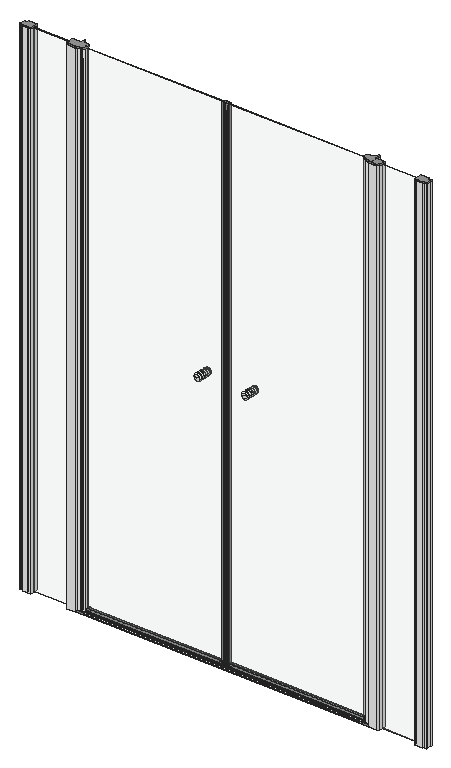
Revit family "Sanitary_Shower-screens_Duscholux_Giro_Two-fixed-segments+pivot-twin-doors-shower", category Plumbing Fixtures, Revit 2016
Family settings
  Part Type = Normal
  Round Connector Dimension = Use Diameter
  OmniClass Number = 23.45.00.00
  OmniClass Title = Sanitary, Laundry, and Cleaning Equipment
  Work Plane-Based = No
  Always vertical = Yes
  Cut with Voids When Loaded = No
  Shared = No
  Room Calculation Point = No
Parameters (values of type "White Aluminium Finish")
  Width fixed segment = 240 mm  # constant formula
  Width = 1600 mm
  Uniclass 2015 Description = "Shower Enclosures"
  Uniclass 2015 Code = "PR-40-20-06-79"
  URL = "http://www.duscholux.es/"
  UNSPSC Code = "30181507"
  Thickness Glass = 5 mm  # constant formula
  Technical Inspection Certificate (Applus) = "http://www.duscholux.es/resources/custom/var/APPLUS_en.pdf"
  Series = "Plus Evolution Giro"
  Region South America = "Consult"
  Region Oceania = "Consult"
  Region North America = "Consult"
  Region Middle East = "Consult"
  Region Europe = "AD, ES, FR, PT"
  Region Asia = "Consult"
  Region Antartica = "Consult"
  Region Africa = "Consult"
  Ref. = "73C"
  Products = "http://www.duscholux.es/mamparas_filtro.aspx?es"
  Product group = "Front for shower"
  Product family = "Plus Evolution Giro"
  Opening right angle = 0.00°
  Opening left angle = 0.00°
  Opening System Image = "http://blob.duscholux.es/pluma512/FD2f2pabatible180.gif"
  Opening System = "Pivot Doors"
  Net Weight (Kg) = 48
  NBS Reference Description = "Shower Enclosures"
  NBS Reference Code = "45-35-70"
  Model = ""
  Min Max Width = if(Width < 1400 mm, 1400 mm, if(Width > 2100 mm, 2100 mm, Width))  # 1600 mm
  Max Height = if(Height > 2000 mm, 2000 mm, Height)  # 2000 mm
  Manufacturer name = "Duscholux Ibérica, S.A."
  Manufacturer country = "Spain"
  Maintenance and Cleaning = "http://www.duscholux.es/mamparas_limpieza.aspx?en"
  Image = "http://www.duscholux.es/resources/custom/img/mamparas/PLUS%20EVOLUTION%20GIRO/modelos/2F2PFDA/mampara_h.jpg"
  IFC Classification = "Furnishing Element"
  Height = 2000 mm
  Handle Material = White Finish
  Handle Height = Max Height / 2  # 1000 mm
  Glass in Building UNE EN 12150 = "CE Conformity marking"
  Glass Material = Glass_Material-Duscholux
  Frame Material = White Aluminium Finish
  Fact Sheet = "http://blob.duscholux.es/enpdf2018/Giro2F2PFD.pdf"
  Manufacturer = "Duscholux Ibérica, S.A."
  Environmental Management ISO 14001 = "ECOEMBES Certificate"
  Edition number = "1"
  Door aperture = (Min Max Width / 2) - Width fixed segment  # 560 mm
  Design country = "Spain / Germany"
  Description = "2 fixed segments + pivot twin doors at 180º for shower"
  Date of publishing = ""
  Assembly Code = "C1030200"
  Configuration enclosure = "http://configuratumampara.duscholux.es/eCatalogo.aspx"
  Components = "Eropean components"
  Type Comments = ""
  Combinations = "Lateral 90°"
  Certified Quality UNE EN 14428 = "http://www.duscholux.es/duscholux_downloads.aspx?es"
  COBIe Type Category = ""
  Brand = "Duscholux"
  Accesories Material = Plastic, Gray
Types (4, lengths in mm): name | Width | Min Max Width | Handle Material | Frame Material | Door aperture
  (no name) | 1600 | 1600 | White Finish | White Aluminium Finish | 560
  White Aluminium Finish | 1600 | 1600 | White Finish | White Aluminium Finish | 560
  Silver Matt Aluminium Finish | 1800 | 1800 | Matt Silver Aluminium Finish | Matt Silver Aluminium Finish | 660
  Shiny Silver Aluminium Finish | 1800 | 1800 | Matt Silver Aluminium Finish | Shiny Silver  Aluminium Finish | 660
Reference planes
  plane 1 "Centro (Frontal/Posterior)": y = 0
  plane 2: z = 0
  plane 3 "Centro (Izquierda/Derecha)": x = 0
  plane 4: x = 240
  plane 5: z = 2000
  plane 6: z = 1000
  plane 7: z = 0
  plane 8: z = 8
  plane 9: y = -15.3
  plane 10: x = 800
  plane 11: z = 1996
  plane 12: x = 1600
  plane 13: x = 1360
  plane 14: y = 2.5
  plane 15: y = 2.5
  plane 16: y = -2.5
  plane 17: z = 1992
  plane 18: z = 6
Forms (mm)
  Extrusion 1, solid, material "White Aluminium Finish" <- "Frame Material"
    sketch origin (-147.769, -645.801, 0) x (1, 0, 0) y (0, 1, 0)
      loop
        line (366.036, 656.691) -> (338.186, 656.691) -> (338.186, 655.191) -> (364.666, 655.191) -> (364.666, 631.991) -> (338.186, 631.991) -> (338.186, 624.931) -> (370.586, 624.931) -> (370.586, 633.301) -> (374.036, 633.301) -> (379.541, 639.801)
        arc (379.541, 639.801) -> (377.536, 645.786) -> (379.424, 651.809) r 10.234
        line (379.424, 651.809) -> (374.036, 659.801) -> (374.036, 660.824) -> (372.409, 670.05) -> (369.686, 674.341) -> (366.036, 674.341) -> (366.036, 656.691)
    from 0 to 1992
  Extrusion 2, solid, material "White Aluminium Finish" <- "Frame Material"
    sketch origin (1805.769, -645.801, 0) x (-1, 0, 0) y (0, -1, 0)
      loop
        line (424.036, -656.691) -> (424.036, -674.341) -> (427.686, -674.341) -> (430.409, -670.05) -> (432.036, -660.824) -> (432.036, -659.801) -> (437.424, -651.809)
        arc (437.424, -651.809) -> (435.536, -645.786) -> (437.541, -639.801) r 10.234
        line (437.541, -639.801) -> (432.036, -633.301) -> (428.586, -633.301) -> (428.586, -624.931) -> (395.736, -624.931) -> (395.736, -631.991) -> (422.666, -631.991) -> (422.666, -655.191) -> (397.536, -655.191) -> (397.536, -656.691) -> (424.036, -656.691)
    from 0 to 1992
  Extrusion 3, solid, material "Plastic, Gray" <- "Accesories Material"
    sketch origin (1658, 0, 0) x (-1, 0, 0) y (0, -1, 0)
      loop
        line (249.767, -10.89) -> (276.267, -10.89) -> (276.267, -28.54) -> (279.917, -28.54) -> (282.64, -24.249) -> (283.429, -19.771) -> (302.754, -12.738)
        arc (302.754, -12.738) -> (311.673, 0) -> (302.754, 12.738) r 13.555
        line (302.754, 12.738) -> (280.409, 20.87) -> (247.967, 20.87) -> (247.967, 13.71) -> (241.416, 13.71) -> (241.416, -9.29) -> (249.767, -9.29) -> (249.767, -10.89)
    from 1992 to 1996
  Extrusion 4, solid, material "Plástico, transparente"
    sketch origin (240, 0, 0) x (1, 0, 0) y (0, 1, 0)
      loop
        arc (558.531, 6.231) -> (554.357, 6.175) -> (550.886, 3.855) r 7.349
        line (550.886, 3.855) -> (546.563, 3.855) -> (546.563, 2.855) -> (551.6, 2.855) -> (551.6, -2.855) -> (546.563, -2.855) -> (546.563, -3.855) -> (550.886, -3.855)
        arc (550.886, -3.855) -> (554.365, -6.175) -> (558.547, -6.226) r 7.362
        arc (558.547, -6.226) -> (559.598, -5.51) -> (560, -4.303) r 1.989
        line (560, -4.303) -> (560, 4.303)
        arc (560, 4.303) -> (559.591, 5.515) -> (558.531, 6.231) r 2
    from 0 to 1992
  Extrusion 5, solid, material "White Aluminium Finish" <- "Frame Material"
    sketch origin (240, 0, 0) x (1, 0, 0) y (0, 1, 0)
      loop
        line (2.907, -4) -> (2.907, 4) -> (12.745, 4) -> (12.745, 5.03) -> (2.992, 9.787)
        arc (2.992, 9.787) -> (-10.234, -0.007) -> (3.005, -9.782) r 10.234
        line (3.005, -9.782) -> (12.745, -4.956) -> (12.745, -4) -> (2.907, -4)
      loop
        circle (0, 0) r 1.459
    from 0 to 1992
  Extrusion 6, solid, material "Glass_Material-Duscholux" <- "Glass Material"
    sketch origin (240, 0, 0) x (1, 0, 0) y (0, 1, 0)
      loop
        line (2.907, 2.5) -> (2.907, -2.5) -> (551.6, -2.5) -> (551.6, 2.5) -> (2.907, 2.5)
    from 8 to 1992
  Extrusion 7, solid, material "White Aluminium Finish" <- "Frame Material"
    sketch origin (0, 0, 0) x (1, 0, 0) y (0, 1, 0)
      loop
        line (183.447, 9.29) -> (183.447, 1.79) -> (193.947, 1.79) -> (193.947, -6.21) -> (183.447, -6.21) -> (183.447, -13.71) -> (211.497, -13.71) -> (211.497, -12.36) -> (184.797, -12.36) -> (184.797, -7.555) -> (195.297, -7.555) -> (195.297, 3.135) -> (184.797, 3.135) -> (184.797, 7.94) -> (211.497, 7.94) -> (211.497, 9.29) -> (183.447, 9.29)
    from 0 to 1992
  Extrusion 8, solid, material "White Aluminium Finish" <- "Frame Material"
    sketch origin (0, 0, 0) x (1, 0, 0) y (0, 1, 0)
      loop
        line (0, 9.392) -> (0, 7.892) -> (1.25, 7.892) -> (1.25, -12.308) -> (0, -12.308) -> (0, -13.808) -> (31.002, -13.808) -> (31.002, -12.308) -> (2.752, -12.308) -> (2.752, 7.892) -> (31.002, 7.892) -> (31.002, 9.392) -> (0, 9.392)
    from 0 to 1992
  Extrusion 9, solid, material "White Aluminium Finish" <- "Frame Material"
    sketch origin (0, 0, 0) x (1, 0, 0) y (0, 1, 0)
      loop
        line (43.002, 12.565) -> (11.652, 12.565) -> (11.652, 9.593) -> (41.752, 9.593) -> (41.752, 3.037) -> (31.002, 3.037) -> (31.002, -7.457) -> (41.752, -7.457) -> (41.752, -14.013) -> (12.902, -14.013) -> (11.652, -14.013) -> (11.652, -16.985) -> (43.002, -16.985) -> (43.002, -6.207) -> (32.502, -6.207) -> (32.502, 1.787) -> (43.002, 1.787) -> (43.002, 12.565)
    from 0 to 1992
  Extrusion 10, solid, material "Glass_Material-Duscholux" <- "Glass Material"
    sketch origin (0, 0, 0) x (1, 0, 0) y (0, 1, 0)
      loop
        line (32.502, 0.29) -> (32.502, -4.71) -> (193.947, -4.71) -> (193.947, 0.29) -> (32.502, 0.29)
    from 0 to 1992
  Extrusion 11, solid, material "Plastic, Gray" <- "Accesories Material"
    sketch origin (0, 0, 0) x (1, 0, 0) y (0, 1, 0)
      loop
        arc (244.573, -12.916) -> (253.701, 0) -> (244.573, 12.916) r 13.701
        line (244.573, 12.916) -> (225.444, 19.688) -> (224.64, 24.249) -> (221.917, 28.54) -> (218.267, 28.54) -> (218.267, 10.89) -> (190.417, 10.89) -> (190.417, 9.29) -> (183.447, 9.29) -> (183.447, -4.71) -> (183.447, -13.71) -> (190.417, -13.71) -> (190.417, -20.87) -> (222.105, -20.87) -> (244.573, -12.916)
    from 1992 to 1996
  Extrusion 12, solid, material "Plastic, Gray" <- "Accesories Material"
    sketch origin (0, 0, 0) x (1, 0, 0) y (0, 1, 0)
      loop
        line (43.002, 12.565) -> (11.652, 12.565) -> (11.652, 9.392) -> (0, 9.392) -> (0, -13.808) -> (11.652, -13.808) -> (11.652, -16.985) -> (43.002, -16.985) -> (43.002, 12.565)
    from 1992 to 1996
  Extrusion 13, solid, material "White Aluminium Finish" <- "Frame Material"
    sketch origin (0, 0, 0) x (1, 0, 0) y (0, 1, 0)
      loop
        line (1416.584, 9.29) -> (1388.534, 9.29) -> (1388.534, 7.94) -> (1415.234, 7.94) -> (1415.234, 3.135) -> (1404.734, 3.135) -> (1404.734, -7.555) -> (1415.234, -7.555) -> (1415.234, -12.36) -> (1388.534, -12.36) -> (1388.534, -13.71) -> (1416.584, -13.71) -> (1416.584, -6.21) -> (1406.084, -6.21) -> (1406.084, 1.79) -> (1416.584, 1.79) -> (1416.584, 9.29)
    from 0 to 1992
  Extrusion 14, solid, material "White Aluminium Finish" <- "Frame Material"
    sketch origin (0, 0, 0) x (1, 0, 0) y (0, 1, 0)
      loop
        line (1556.998, 12.565) -> (1556.998, 1.787) -> (1567.498, 1.787) -> (1567.498, -6.207) -> (1556.998, -6.207) -> (1556.998, -16.985) -> (1588.348, -16.985) -> (1588.348, -14.013) -> (1558.248, -14.013) -> (1558.248, -7.457) -> (1568.998, -7.457) -> (1568.998, 3.037) -> (1558.248, 3.037) -> (1558.248, 9.593) -> (1588.348, 9.593) -> (1588.348, 12.565) -> (1556.998, 12.565)
    from 0 to 1992
  Extrusion 15, solid, material "White Aluminium Finish" <- "Frame Material"
    sketch origin (0, 0, 0) x (1, 0, 0) y (0, 1, 0)
      loop
        line (1600, 9.392) -> (1568.998, 9.392) -> (1568.998, 7.892) -> (1597.248, 7.892) -> (1597.248, -12.308) -> (1568.998, -12.308) -> (1568.998, -13.808) -> (1600, -13.808) -> (1600, -12.308) -> (1598.75, -12.308) -> (1598.75, 7.892) -> (1600, 7.892) -> (1600, 9.392)
    from 0 to 1992
  Extrusion 16, solid, material "Glass_Material-Duscholux" <- "Glass Material"
    sketch origin (1573.567, 0, 0) x (1, 0, 0) y (0, 1, 0)
      loop
        line (-167.483, 0.29) -> (-167.483, -4.71) -> (-6.068, -4.71) -> (-6.068, 0.29) -> (-167.483, 0.29)
    from 0 to 1992
  Extrusion 17, solid, material "White Aluminium Finish" <- "Frame Material"
    sketch origin (1360, 0, 0) x (-1, 0, 0) y (0, -1, 0)
      loop
        line (5.148, -8.845) -> (12.745, -4.773) -> (12.745, -3.808) -> (2.907, -3.808) -> (2.907, 3.78) -> (12.745, 3.78) -> (12.745, 4.773) -> (5.148, 8.845)
        arc (5.148, 8.845) -> (-10.234, 0) -> (5.148, -8.845) r 10.234
    from 0 to 1992
  Extrusion 18, solid, material "Glass_Material-Duscholux" <- "Glass Material"
    sketch origin (1360, 0, 0) x (-1, 0, 0) y (0, -1, 0)
      loop
        line (551.6, -2.5) -> (551.6, 2.5) -> (2.907, 2.5) -> (2.907, -2.5) -> (551.6, -2.5)
    from 8 to 1992
  Extrusion 19, solid, material "Plastic, Gray" <- "Accesories Material"
    sketch origin (0, 0, 0) x (1, 0, 0) y (0, 1, 0)
      loop
        line (1556.998, 12.565) -> (1556.998, -16.985) -> (1588.348, -16.985) -> (1588.348, -13.808) -> (1600, -13.808) -> (1600, 9.392) -> (1588.348, 9.392) -> (1588.348, 12.565) -> (1556.998, 12.565)
    from 1992 to 1996
  Extrusion 20, solid, material "Plástico, transparente"
    sketch origin (1360, 0, 0) x (-1, 0, 0) y (0, -1, 0)
      loop
        arc (558.531, -6.231) -> (559.591, -5.515) -> (560.031, -4.303) r 2
        line (560.031, -4.303) -> (560, 4.303)
        arc (560, 4.303) -> (559.598, 5.51) -> (558.547, 6.226) r 1.989
        arc (558.547, 6.226) -> (554.365, 6.175) -> (550.886, 3.855) r 7.362
        line (550.886, 3.855) -> (546.563, 3.855) -> (546.563, 2.855) -> (551.6, 2.855) -> (551.6, -2.855) -> (546.563, -2.855) -> (546.563, -3.855) -> (550.886, -3.855)
        arc (550.886, -3.855) -> (554.357, -6.175) -> (558.531, -6.231) r 7.349
    from 0 to 1992
  Extrusion 21, solid, material "White Aluminium Finish" <- "Frame Material"
    sketch origin (0, 48.661, 0) x (0, 1, 0) y (0, 0, 1)
      loop
        line (-65.232, 0) -> (-55.632, 0) -> (-55.632, 3)
        arc (-55.632, 3) -> (-56.217, 4.414) -> (-57.632, 5) r 2
        line (-57.632, 5) -> (-63.232, 5)
        arc (-63.232, 5) -> (-64.646, 4.414) -> (-65.232, 3) r 2
        line (-65.232, 3) -> (-65.232, 0)
    from 252.745 to 1347.255
  Extrusion 22, solid, material "Plastic, Gray" <- "Accesories Material"
    sketch origin (0, 0, 0) x (1, 0, 0) y (0, 1, 0)
      loop
        line (1377.183, -12.5) -> (1373.734, -12.5) -> (1368.229, -6)
        arc (1368.229, -6) -> (1362.093, -10.021) -> (1354.852, -8.845) r 10.128
        line (1354.852, -8.845) -> (1347.255, -4.773) -> (1347.255, -18) -> (1377.183, -18) -> (1377.183, -12.5)
    from 0 to 6
  Extrusion 23, solid, material "Plastic, Gray" <- "Accesories Material"
    sketch origin (0, 0, 0) x (1, 0, 0) y (0, 1, 0)
      loop
        line (222.817, -12.5) -> (222.817, -18) -> (252.745, -18) -> (252.745, -4.956) -> (243.005, -9.782)
        arc (243.005, -9.782) -> (236.773, -9.719) -> (231.771, -6) r 10.072
        line (231.771, -6) -> (226.266, -12.5) -> (222.817, -12.5)
    from 0 to 6
Lines and regions (mm)
  reference lines
    curve 1: line (240, 0, 0) -> (800, 0, 0)
    curve 2: line (1360, 0, 0) -> (800, 0, 0)
  symbolic lines
    curve 3: line (240, 0, 0) -> (240, 560, 0)
    curve 4: line (240, 0, 0) -> (240, -560, 0)
    curve 5: arc (240, 560, 0) -> (800, 0, 0) -> (240, -560, 0) r 560
    curve 6: line (1360, 0, 0) -> (1360, 560, 0)
    curve 7: line (1360, 0, 0) -> (1360, -560, 0)
    curve 8: arc (1360, 560, 0) -> (800, 0, 0) -> (1360, -560, 0) r 560
Dimensions and locks
  "Width fixed segment": plane 3 "Centro (Izquierda/Derecha)" to plane 4
  plane 8 to level = 8 mm
  "Max Height": plane 5 to level
  "Min Max Width": plane 3 "Centro (Izquierda/Derecha)" to plane 12
  "Handle Height": plane 6 to level
  locked: plane 5 to plane 11 at 4
  equal spacing: plane 3 "Centro (Izquierda/Derecha)", plane 10, plane 12
  "Door aperture": curve 1 to curve 1
  locked: nested 2 to Extrusion 6 at 85
  locked: plane 5 to plane 17 at 8
  "Width fixed segment": plane 13 to plane 12
  "Door aperture": curve 2 to curve 2
  locked: Extrusion 21 to plane 13 at 12.745
  locked: Extrusion 20 to nested 5 at 85
  locked: plane 18 to plane 7 at 6
  "Door aperture": curve 3 to curve 3
  "Door aperture": curve 4 to curve 4
  "Door aperture": curve 6 to curve 6
  "Door aperture": curve 7 to curve 7
  "Opening left angle": angle curve 1 to plane 1 "Centro (Frontal/Posterior)"
  "Opening right angle": angle plane 1 "Centro (Frontal/Posterior)" to curve 2
  aligned and locked: level to plane 2
  aligned and locked: plane 1 "Centro (Frontal/Posterior)" to curve 1
  aligned and locked: Extrusion 4 to plane 7
  aligned and locked: Extrusion 5 to plane 7
  aligned and locked: Extrusion 6 to Extrusion 5
  aligned and locked: Extrusion 4 to Extrusion 6
  aligned and locked: Extrusion 6 to plane 8
  aligned and locked: nested 1 to Extrusion 4
  aligned and locked: Extrusion 5 to nested 1
  aligned and locked: nested 2 to plane 6
  aligned and locked: nested 3 to nested 2
  aligned and locked: plane 6 to nested 3
  aligned and locked: plane 17 to Extrusion 6
  aligned and locked: plane 17 to Extrusion 2
  aligned and locked: Extrusion 3 to plane 17
  aligned and locked: plane 11 to Extrusion 3
  aligned and locked: plane 17 to Extrusion 1
  aligned and locked: plane 17 to Extrusion 9
  aligned and locked: plane 17 to Extrusion 8
  aligned and locked: plane 17 to Extrusion 7
  aligned and locked: Extrusion 11 to plane 17
  aligned and locked: plane 11 to Extrusion 11
  aligned and locked: Extrusion 12 to plane 17
  aligned and locked: plane 11 to Extrusion 12
  aligned and locked: Extrusion 2 to Extrusion 3
  aligned and locked: Extrusion 3 to Extrusion 2
  aligned and locked: plane 17 to Extrusion 14
  aligned and locked: plane 17 to Extrusion 15
  aligned and locked: plane 17 to Extrusion 13
  aligned and locked: Extrusion 16 to Extrusion 14
  aligned and locked: Extrusion 16 to Extrusion 13
  aligned and locked: plane 17 to Extrusion 16
  aligned and locked: plane 13 to curve 2
  aligned and locked: plane 17 to Extrusion 17
  aligned and locked: plane 17 to Extrusion 18
  aligned and locked: Extrusion 18 to plane 8
  aligned and locked: nested 4 to Extrusion 17
  aligned and locked: plane 17 to Extrusion 10
  aligned and locked: Extrusion 19 to plane 17
  aligned and locked: plane 11 to Extrusion 19
  aligned and locked: plane 17 to Extrusion 20
  aligned and locked: Extrusion 20 to nested 4
  aligned and locked: plane 4 to curve 1
  aligned and locked: nested 5 to nested 6
  aligned and locked: nested 6 to plane 6
  aligned and locked: nested 5 to plane 6
  aligned and locked: plane 18 to Extrusion 22
  aligned and locked: plane 18 to Extrusion 23
Automatic sketch dimensions
  Extrusion 1 sketch curve to plane 4 = 0 mm
  Extrusion 1 sketch curve to plane 16 = 3.5 mm
  plane 4 to Extrusion 1 sketch curve = 8.229 mm
  plane 14 to Extrusion 1 sketch curve = 3.508 mm
  plane 4 to Extrusion 1 sketch curve = 8.345 mm
  Extrusion 1 sketch curve to plane 9 = 2.8 mm
  Extrusion 1 sketch curve to Extrusion 1 sketch curve = 5.505 mm
  Extrusion 1 sketch curve to Extrusion 1 sketch curve = 5.389 mm
  Extrusion 1 sketch curve to Extrusion 1 sketch curve = 1.627 mm
  Extrusion 1 sketch curve to Extrusion 1 sketch curve = 3.449 mm
  Extrusion 1 sketch curve to Extrusion 1 sketch curve = 2.722 mm
  Extrusion 1 sketch curve to Extrusion 1 sketch curve = 7.999 mm
  Extrusion 1 sketch curve to Extrusion 1 sketch curve = 1.37 mm
  plane 9 to Extrusion 1 sketch curve = 5.57 mm
  Extrusion 1 sketch curve to Extrusion 1 sketch curve = 26.48 mm
  plane 14 to Extrusion 1 sketch curve = 6.89 mm
  Extrusion 1 sketch curve to Extrusion 1 sketch curve = 0 mm
  Extrusion 1 sketch curve to plane 9 = 1.49 mm
  Extrusion 1 sketch curve to Extrusion 1 sketch curve = 1.5 mm
  Extrusion 1 sketch curve to Extrusion 1 sketch curve = 3.11 mm
  Extrusion 1 sketch curve to Extrusion 1 sketch curve = 1.023 mm
  Extrusion 1 sketch curve to Extrusion 1 sketch curve = 9.227 mm
  Extrusion 1 sketch curve to Extrusion 1 sketch curve = 4.291 mm
  Extrusion 2 sketch curve to plane 13 = 0 mm
  plane 16 to Extrusion 2 sketch curve = 3.5 mm
  Extrusion 2 sketch curve to plane 13 = 8.229 mm
  Extrusion 2 sketch curve to plane 14 = 3.508 mm
  Extrusion 2 sketch curve to plane 13 = 8.345 mm
  plane 9 to Extrusion 2 sketch curve = 2.8 mm
  Extrusion 2 sketch curve to Extrusion 2 sketch curve = 5.505 mm
  Extrusion 2 sketch curve to Extrusion 2 sketch curve = 5.389 mm
  Extrusion 2 sketch curve to Extrusion 2 sketch curve = 1.627 mm
  Extrusion 2 sketch curve to Extrusion 2 sketch curve = 3.449 mm
  Extrusion 2 sketch curve to Extrusion 2 sketch curve = 2.722 mm
  Extrusion 2 sketch curve to Extrusion 2 sketch curve = 7.999 mm
  Extrusion 2 sketch curve to Extrusion 2 sketch curve = 1.37 mm
  Extrusion 2 sketch curve to plane 14 = 6.89 mm
  Extrusion 2 sketch curve to Extrusion 2 sketch curve = 25.13 mm
  Extrusion 2 sketch curve to plane 9 = 5.57 mm
  Extrusion 2 sketch curve to Extrusion 2 sketch curve = 26.93 mm
  plane 9 to Extrusion 2 sketch curve = 1.49 mm
  Extrusion 2 sketch curve to Extrusion 2 sketch curve = 1.5 mm
  Extrusion 2 sketch curve to Extrusion 2 sketch curve = 3.11 mm
  Extrusion 2 sketch curve to Extrusion 2 sketch curve = 1.023 mm
  Extrusion 2 sketch curve to Extrusion 2 sketch curve = 9.227 mm
  Extrusion 2 sketch curve to Extrusion 2 sketch curve = 4.291 mm
  plane 1 "Centro (Frontal/Posterior)" to Extrusion 3 sketch curve = 0 mm
  plane 14 to Extrusion 3 sketch curve = 6.79 mm
  plane 13 to Extrusion 3 sketch curve = 56.584 mm
  Extrusion 3 sketch curve to plane 9 = 1.59 mm
  Extrusion 3 sketch curve to Extrusion 3 sketch curve = 6.552 mm
  Extrusion 3 sketch curve to Extrusion 3 sketch curve = 8.352 mm
  plane 13 to Extrusion 3 sketch curve = 21.733 mm
  Extrusion 3 sketch curve to Extrusion 3 sketch curve = 3.65 mm
  plane 9 to Extrusion 3 sketch curve = 5.57 mm
  plane 13 to Extrusion 3 sketch curve = 17.591 mm
  Extrusion 3 sketch curve to Extrusion 3 sketch curve = 2.722 mm
  Extrusion 3 sketch curve to Extrusion 3 sketch curve = 0.79 mm
  Extrusion 3 sketch curve to plane 13 = 0.118 mm
  Extrusion 3 sketch curve to plane 13 = 4.754 mm  (x2)
  plane 14 to Extrusion 3 sketch curve = 8.39 mm
  plane 14 to Extrusion 3 sketch curve = 10.238 mm
  Extrusion 3 sketch curve to Extrusion 3 sketch curve = 8.881 mm
  Extrusion 3 sketch curve to Extrusion 3 sketch curve = 4.478 mm
  Extrusion 3 sketch curve to Extrusion 3 sketch curve = 4.291 mm
  curve 1 to Extrusion 4 sketch curve = 0 mm
  Extrusion 4 sketch curve to curve 1 = 4.303 mm
  curve 1 to Extrusion 4 sketch curve = 4.303 mm
  Extrusion 4 sketch curve to curve 1 = 1.989 mm
  Extrusion 4 sketch curve to Extrusion 4 sketch curve = 2 mm
  Extrusion 4 sketch curve to curve 1 = 0.857 mm
  Extrusion 4 sketch curve to curve 1 = 3.458 mm
  curve 1 to Extrusion 4 sketch curve = 0.843 mm
  Extrusion 4 sketch curve to Extrusion 4 sketch curve = 0.004 mm
  Extrusion 4 sketch curve to Extrusion 4 sketch curve = 4.938 mm
  Extrusion 4 sketch curve to Extrusion 4 sketch curve = 0.714 mm  (x2)
  Extrusion 4 sketch curve to Extrusion 4 sketch curve = 4.323 mm  (x2)
  Extrusion 4 sketch curve to curve 1 = 4.311 mm
  curve 1 to Extrusion 4 sketch curve = 3.855 mm
  Extrusion 4 sketch curve to Extrusion 4 sketch curve = 1 mm  (x2)
  Extrusion 4 sketch curve to curve 1 = 2.855 mm
  Extrusion 5 sketch curve to Extrusion 5 sketch curve = 0 mm  (x3)
  Extrusion 5 sketch curve to curve 1 = 0 mm  (x2)
  curve 1 to Extrusion 5 sketch curve = 2.907 mm
  curve 1 to Extrusion 5 sketch curve = 2.992 mm
  curve 1 to Extrusion 5 sketch curve = 3.005 mm
  Extrusion 5 sketch curve to curve 1 = 5.03 mm
  Extrusion 5 sketch curve to Extrusion 5 sketch curve = 9.838 mm
  Extrusion 5 sketch curve to curve 1 = 4 mm
  Extrusion 5 sketch curve to Extrusion 5 sketch curve = 0.956 mm
  Extrusion 5 sketch curve to curve 1 = 9.782 mm
  Extrusion 5 sketch curve to Extrusion 5 sketch curve = 1.03 mm
  curve 1 to Extrusion 6 sketch curve = 2.907 mm
  curve 1 to Extrusion 6 sketch curve = 2.5 mm
  Extrusion 6 sketch curve to curve 1 = 8.4 mm
  Extrusion 6 sketch curve to curve 1 = 2.5 mm
  plane 14 to Extrusion 7 sketch curve = 6.79 mm
  plane 4 to Extrusion 7 sketch curve = 56.553 mm
  Extrusion 7 sketch curve to plane 9 = 1.59 mm
  Extrusion 7 sketch curve to Extrusion 7 sketch curve = 0 mm
  Extrusion 7 sketch curve to Extrusion 7 sketch curve = 1.35 mm  (x3)
  plane 14 to Extrusion 7 sketch curve = 0.635 mm
  Extrusion 7 sketch curve to plane 16 = 3.71 mm
  Extrusion 7 sketch curve to Extrusion 7 sketch curve = 9.15 mm
  plane 14 to Extrusion 7 sketch curve = 5.44 mm
  Extrusion 7 sketch curve to Extrusion 7 sketch curve = 16.2 mm  (x2)
  Extrusion 7 sketch curve to plane 9 = 2.94 mm
  Extrusion 7 sketch curve to Extrusion 7 sketch curve = 1.345 mm
  Extrusion 7 sketch curve to plane 14 = 0.71 mm
  Extrusion 8 sketch curve to plane 3 "Centro (Izquierda/Derecha)" = 0 mm  (x2)
  plane 3 "Centro (Izquierda/Derecha)" to Extrusion 8 sketch curve = 1.25 mm
  Extrusion 8 sketch curve to Extrusion 8 sketch curve = 1.502 mm
  Extrusion 8 sketch curve to plane 9 = 2.992 mm
  Extrusion 8 sketch curve to Extrusion 8 sketch curve = 28.25 mm
  plane 14 to Extrusion 8 sketch curve = 5.392 mm
  Extrusion 8 sketch curve to Extrusion 8 sketch curve = 0 mm  (x3)
  Extrusion 8 sketch curve to plane 9 = 1.492 mm
  Extrusion 8 sketch curve to Extrusion 8 sketch curve = 1.5 mm
  Extrusion 9 sketch curve to plane 9 = 1.287 mm
  plane 3 "Centro (Izquierda/Derecha)" to Extrusion 9 sketch curve = 11.652 mm  (x2)
  Extrusion 9 sketch curve to Extrusion 9 sketch curve = 1.25 mm  (x4)
  Extrusion 9 sketch curve to plane 16 = 4.957 mm
  Extrusion 9 sketch curve to Extrusion 9 sketch curve = 18.1 mm
  Extrusion 9 sketch curve to plane 14 = 0.713 mm
  Extrusion 9 sketch curve to Extrusion 9 sketch curve = 1.5 mm
  Extrusion 9 sketch curve to Extrusion 9 sketch curve = 9.25 mm  (x2)
  plane 9 to Extrusion 9 sketch curve = 1.685 mm
  plane 14 to Extrusion 9 sketch curve = 0.537 mm
  plane 14 to Extrusion 9 sketch curve = 7.093 mm
  Extrusion 9 sketch curve to Extrusion 9 sketch curve = 2.972 mm
  Extrusion 10 sketch curve to plane 16 = 2.21 mm
  plane 3 "Centro (Izquierda/Derecha)" to Extrusion 10 sketch curve = 32.502 mm
  plane 4 to Extrusion 10 sketch curve = 46.053 mm
  Extrusion 10 sketch curve to plane 1 "Centro (Frontal/Posterior)" = 0.29 mm
  plane 1 "Centro (Frontal/Posterior)" to Extrusion 11 sketch curve = 0 mm
  Extrusion 11 sketch curve to plane 4 = 0 mm
  plane 4 to Extrusion 11 sketch curve = 14.556 mm
  Extrusion 11 sketch curve to Extrusion 11 sketch curve = 0.804 mm
  plane 9 to Extrusion 11 sketch curve = 5.57 mm
  plane 4 to Extrusion 11 sketch curve = 17.895 mm
  Extrusion 11 sketch curve to Extrusion 11 sketch curve = 2.722 mm
  Extrusion 11 sketch curve to Extrusion 11 sketch curve = 3.65 mm
  plane 14 to Extrusion 11 sketch curve = 6.79 mm
  Extrusion 11 sketch curve to Extrusion 11 sketch curve = 27.85 mm
  Extrusion 11 sketch curve to Extrusion 11 sketch curve = 0 mm
  Extrusion 11 sketch curve to plane 16 = 2.21 mm
  Extrusion 11 sketch curve to Extrusion 11 sketch curve = 6.97 mm
  Extrusion 11 sketch curve to plane 4 = 4.573 mm  (x2)
  Extrusion 11 sketch curve to plane 9 = 1.59 mm
  Extrusion 11 sketch curve to plane 9 = 2.384 mm
  Extrusion 11 sketch curve to Extrusion 11 sketch curve = 1.6 mm
  Extrusion 11 sketch curve to Extrusion 11 sketch curve = 8.798 mm
  Extrusion 11 sketch curve to Extrusion 11 sketch curve = 4.561 mm
  Extrusion 11 sketch curve to Extrusion 11 sketch curve = 4.291 mm
  Extrusion 12 sketch curve to plane 3 "Centro (Izquierda/Derecha)" = 0 mm
  plane 9 to Extrusion 12 sketch curve = 1.685 mm
  plane 3 "Centro (Izquierda/Derecha)" to Extrusion 12 sketch curve = 11.652 mm  (x2)
  Extrusion 12 sketch curve to Extrusion 12 sketch curve = 31.35 mm
  Extrusion 12 sketch curve to plane 9 = 1.492 mm
  plane 14 to Extrusion 12 sketch curve = 6.892 mm
  Extrusion 12 sketch curve to Extrusion 12 sketch curve = 3.173 mm
  Extrusion 13 sketch curve to plane 9 = 1.59 mm
  plane 13 to Extrusion 13 sketch curve = 28.534 mm
  plane 14 to Extrusion 13 sketch curve = 6.79 mm
  Extrusion 13 sketch curve to Extrusion 13 sketch curve = 0 mm
  plane 14 to Extrusion 13 sketch curve = 0.635 mm
  Extrusion 13 sketch curve to Extrusion 13 sketch curve = 16.2 mm
  Extrusion 13 sketch curve to Extrusion 13 sketch curve = 1.35 mm  (x4)
  Extrusion 13 sketch curve to Extrusion 13 sketch curve = 9.15 mm  (x2)
  Extrusion 13 sketch curve to plane 9 = 2.94 mm
  Extrusion 13 sketch curve to Extrusion 13 sketch curve = 4.805 mm
  Extrusion 13 sketch curve to Extrusion 13 sketch curve = 1.345 mm
  Extrusion 13 sketch curve to plane 14 = 0.71 mm
  plane 14 to Extrusion 14 sketch curve = 10.065 mm
  Extrusion 14 sketch curve to plane 12 = 43.002 mm
  plane 9 to Extrusion 14 sketch curve = 1.685 mm
  Extrusion 14 sketch curve to Extrusion 14 sketch curve = 0 mm
  Extrusion 14 sketch curve to Extrusion 14 sketch curve = 1.25 mm  (x3)
  plane 14 to Extrusion 14 sketch curve = 0.537 mm
  Extrusion 14 sketch curve to plane 16 = 3.707 mm
  Extrusion 14 sketch curve to Extrusion 14 sketch curve = 9.25 mm
  Extrusion 14 sketch curve to Extrusion 14 sketch curve = 1.5 mm
  Extrusion 14 sketch curve to plane 12 = 11.652 mm  (x2)
  Extrusion 14 sketch curve to plane 9 = 1.287 mm
  Extrusion 14 sketch curve to plane 14 = 0.713 mm
  Extrusion 14 sketch curve to Extrusion 14 sketch curve = 2.972 mm
  plane 12 to Extrusion 15 sketch curve = 0 mm  (x2)
  Extrusion 15 sketch curve to Extrusion 15 sketch curve = 1.25 mm
  Extrusion 15 sketch curve to Extrusion 15 sketch curve = 1.502 mm
  Extrusion 15 sketch curve to plane 9 = 1.492 mm
  Extrusion 15 sketch curve to Extrusion 15 sketch curve = 28.25 mm
  plane 14 to Extrusion 15 sketch curve = 6.892 mm
  Extrusion 15 sketch curve to Extrusion 15 sketch curve = 0 mm  (x2)
  Extrusion 15 sketch curve to plane 9 = 2.992 mm
  Extrusion 15 sketch curve to Extrusion 15 sketch curve = 1.5 mm  (x2)
  Extrusion 16 sketch curve to plane 16 = 2.21 mm
  plane 13 to Extrusion 16 sketch curve = 46.084 mm
  Extrusion 16 sketch curve to plane 12 = 32.502 mm
  Extrusion 16 sketch curve to plane 1 "Centro (Frontal/Posterior)" = 0.29 mm
  Extrusion 17 sketch curve to curve 2 = 0 mm  (x2)
  curve 2 to Extrusion 17 sketch curve = 5.148 mm  (x2)
  Extrusion 17 sketch curve to Extrusion 17 sketch curve = 7.597 mm
  Extrusion 17 sketch curve to curve 2 = 3.78 mm
  Extrusion 17 sketch curve to Extrusion 17 sketch curve = 0 mm
  curve 2 to Extrusion 17 sketch curve = 3.808 mm
  Extrusion 17 sketch curve to Extrusion 17 sketch curve = 0.965 mm
  Extrusion 17 sketch curve to curve 2 = 8.845 mm
  Extrusion 17 sketch curve to Extrusion 17 sketch curve = 0.993 mm
  curve 2 to Extrusion 17 sketch curve = 2.907 mm
  curve 2 to Extrusion 18 sketch curve = 2.907 mm
  Extrusion 18 sketch curve to curve 2 = 2.5 mm
  Extrusion 18 sketch curve to curve 2 = 8.4 mm
  curve 2 to Extrusion 18 sketch curve = 2.5 mm
  plane 12 to Extrusion 19 sketch curve = 0 mm
  Extrusion 19 sketch curve to plane 12 = 11.652 mm  (x2)
  plane 9 to Extrusion 19 sketch curve = 1.685 mm
  plane 14 to Extrusion 19 sketch curve = 10.065 mm
  Extrusion 19 sketch curve to Extrusion 19 sketch curve = 31.35 mm
  Extrusion 19 sketch curve to plane 9 = 1.492 mm
  plane 14 to Extrusion 19 sketch curve = 6.892 mm
  curve 2 to Extrusion 20 sketch curve = 0 mm  (x2)
  Extrusion 20 sketch curve to curve 2 = 4.303 mm  (x2)
  curve 2 to Extrusion 20 sketch curve = 4.303 mm  (x2)
  Extrusion 20 sketch curve to curve 2 = 1.989 mm
  Extrusion 20 sketch curve to Extrusion 20 sketch curve = 2 mm
  curve 2 to Extrusion 20 sketch curve = 0.857 mm
  Extrusion 20 sketch curve to curve 2 = 3.458 mm
  Extrusion 20 sketch curve to curve 2 = 0.843 mm
  Extrusion 20 sketch curve to Extrusion 20 sketch curve = 0.004 mm
  Extrusion 20 sketch curve to Extrusion 20 sketch curve = 4.938 mm
  Extrusion 20 sketch curve to Extrusion 20 sketch curve = 0.714 mm  (x2)
  Extrusion 20 sketch curve to Extrusion 20 sketch curve = 4.323 mm  (x2)
  curve 2 to Extrusion 20 sketch curve = 3.855 mm
  Extrusion 20 sketch curve to Extrusion 20 sketch curve = 1 mm  (x2)
  Extrusion 20 sketch curve to curve 2 = 2.855 mm
  Extrusion 20 sketch curve to Extrusion 20 sketch curve = 0.008 mm
  curve 2 to Extrusion 20 sketch curve = 0.031 mm
  Extrusion 21 sketch curve to level = 0 mm
  plane 9 to Extrusion 21 sketch curve = 1.27 mm
  Extrusion 21 sketch curve to Extrusion 21 sketch curve = 2 mm  (x2)
  Extrusion 21 sketch curve to Extrusion 21 sketch curve = 5.6 mm
  level to Extrusion 21 sketch curve = 3 mm
  Extrusion 22 sketch curve to plane 16 = 2.273 mm
  Extrusion 22 sketch curve to plane 13 = 12.745 mm
  Extrusion 22 sketch curve to plane 13 = 5.148 mm
  Extrusion 22 sketch curve to plane 13 = 0.014 mm
  Extrusion 22 sketch curve to plane 16 = 3.5 mm
  plane 13 to Extrusion 22 sketch curve = 8.229 mm
  Extrusion 22 sketch curve to plane 9 = 2.8 mm
  Extrusion 22 sketch curve to Extrusion 22 sketch curve = 5.505 mm
  plane 9 to Extrusion 22 sketch curve = 2.7 mm
  Extrusion 22 sketch curve to Extrusion 22 sketch curve = 3.449 mm
  Extrusion 22 sketch curve to Extrusion 22 sketch curve = 4.072 mm
  plane 9 to Extrusion 23 sketch curve = 2.7 mm
  plane 4 to Extrusion 23 sketch curve = 17.183 mm
  Extrusion 23 sketch curve to plane 16 = 3.5 mm
  plane 4 to Extrusion 23 sketch curve = 8.229 mm
  plane 4 to Extrusion 23 sketch curve = 0.013 mm
  Extrusion 23 sketch curve to plane 4 = 3.005 mm
  Extrusion 23 sketch curve to plane 16 = 2.456 mm
  Extrusion 23 sketch curve to Extrusion 23 sketch curve = 9.739 mm
  plane 1 "Centro (Frontal/Posterior)" to Extrusion 23 sketch curve = 9.782 mm
  Extrusion 23 sketch curve to Extrusion 23 sketch curve = 3.449 mm
  Extrusion 23 sketch curve to plane 9 = 2.8 mm
  curve 3 to plane 4 = 0 mm
  plane 1 "Centro (Frontal/Posterior)" to curve 6 = 0 mm
  curve 6 to plane 13 = 0 mm
  plane 1 "Centro (Frontal/Posterior)" to curve 5 = 0 mm
  plane 1 "Centro (Frontal/Posterior)" to curve 2 = 0 mm
  radius of Extrusion 5 sketch curve = 1.459 mm
Nested families
  nested 1: "Lower-Guide" at (786.563, -1.856, 8) x (-1, 0, 0) z (0, 0, 1), type "Lower-Guide", detail levels fine
    with built-in parameter 1001306 1.7514 (stored number, unit not read)
  nested 2: "Handle" at (706.6, -2.5, 1000) x (1, 0, 0) z (0, -1, 0), type "Handle", detail levels medium+fine
  nested 3: "Handle" at (706.6, 2.5, 1000) x (1, 0, 0) z (0, 1, 0), type "Handle", detail levels medium+fine
  nested 4: "Lower-Guide" at (813.437, -1.246, 8), type "Lower-Guide", detail levels fine
    with built-in parameter 1001306 1.7514 (stored number, unit not read)
  nested 5: "Handle" at (893.4, 2.5, 1000) x (-1, 0, 0) z (0, 1, 0), type "Handle", detail levels medium+fine
  nested 6: "Handle" at (893.4, -2.5, 1000) x (1, 0, 0) z (0, -1, 0), type "Handle", detail levels medium+fine
Definition of nested family "Lower-Guide"
  Parameters (values of type "2353MA")
    built-in parameter 1001306 [instance] = 500 mm
  Reference planes
    plane 1 "Centro (Frontal/Posterior)": y = 0
    plane 2: z = 0
    plane 3 "Izquierda": x = 0
    plane 4 "Derecha": x = 500
    plane 5: z = 0
  Forms (mm)
    Extrusion 1, solid
      sketch origin (0, 0, 0) x (0, 1, 0) y (0, 0, 1)
        loop
          line (-4.2, 0) -> (-3, 12) -> (-4.5, 12) -> (-5.692, 0.15)
          arc (-5.692, 0.15) -> (-5.345, -0.968) -> (-4.3, -1.497) r 1.5
          line (-4.3, -1.497) -> (-4.3, -5.874)
          arc (-4.3, -5.874) -> (-3.9, -6.274) -> (-3.5, -5.874) r 0.4
          line (-3.5, -5.874) -> (-3.5, -1.5) -> (3.5, -1.5) -> (3.5, -7.653)
          arc (3.5, -7.653) -> (3.9, -8.053) -> (4.3, -7.653) r 0.4
          line (4.3, -7.653) -> (4.3, -1.508) -> (5.754, -1.508) -> (11.976, -3.947)
          arc (11.976, -3.947) -> (12.62, -3.771) -> (12.515, -3.111) r 0.5
          line (12.515, -3.111) -> (9.056, -1.58)
          arc (9.056, -1.58) -> (6.398, 0.585) -> (5.211, 3.802) r 6.5
          line (5.211, 3.802) -> (4.5, 12) -> (3, 12) -> (4.2, 0) -> (-4.2, 0)
      from 0 to 500
  Lines and regions (mm)
    reference lines
      curve 1: line (0, 0, 0) -> (500, 0, 0)
  Dimensions and locks
    "built-in parameter 1001306": plane 3 "Izquierda" to plane 4 "Derecha"
    aligned and locked: plane 4 "Derecha" to curve 1
    aligned and locked: plane 1 "Centro (Frontal/Posterior)" to curve 1
    aligned and locked: plane 3 "Izquierda" to curve 1
    aligned and locked: level to plane 2
    aligned and locked: plane 4 "Derecha" to Extrusion 1
  Automatic sketch dimensions
    Extrusion 1 sketch curve to level = 0 mm  (x2)
    Extrusion 1 sketch curve to Extrusion 1 sketch curve = 0.4 mm  (x3)
    Extrusion 1 sketch curve to Extrusion 1 sketch curve = 0 mm  (x2)
    Extrusion 1 sketch curve to Extrusion 1 sketch curve = 1.5 mm  (x2)
    Extrusion 1 sketch curve to Extrusion 1 sketch curve = 1.454 mm
    Extrusion 1 sketch curve to level = 1.58 mm
    Extrusion 1 sketch curve to Extrusion 1 sketch curve = 3.301 mm
    level to Extrusion 1 sketch curve = 4.364 mm
    Extrusion 1 sketch curve to Extrusion 1 sketch curve = 2.632 mm
    Extrusion 1 sketch curve to level = 3.947 mm
    Extrusion 1 sketch curve to Extrusion 1 sketch curve = 2.921 mm
    Extrusion 1 sketch curve to Extrusion 1 sketch curve = 0.224 mm
    Extrusion 1 sketch curve to level = 3.111 mm
    Extrusion 1 sketch curve to Extrusion 1 sketch curve = 0.315 mm
    Extrusion 1 sketch curve to level = 5.874 mm
    Extrusion 1 sketch curve to Extrusion 1 sketch curve = 1.778 mm
    Extrusion 1 sketch curve to level = 1.508 mm
    Extrusion 1 sketch curve to level = 1.5 mm
    Extrusion 1 sketch curve to Extrusion 1 sketch curve = 0.003 mm
    level to Extrusion 1 sketch curve = 12 mm
    level to Extrusion 1 sketch curve = 0.15 mm
    plane 1 "Centro (Frontal/Posterior)" to Extrusion 1 sketch curve = 3 mm
    plane 1 "Centro (Frontal/Posterior)" to Extrusion 1 sketch curve = 3.5 mm
    Extrusion 1 sketch curve to Extrusion 1 sketch curve = 0.1 mm  (x2)
    Extrusion 1 sketch curve to plane 1 "Centro (Frontal/Posterior)" = 3 mm
    Extrusion 1 sketch curve to plane 1 "Centro (Frontal/Posterior)" = 3.5 mm
    Extrusion 1 sketch curve to Extrusion 1 sketch curve = 0.799 mm
    level to Extrusion 1 sketch curve = 3.802 mm
Definition of nested family "Handle"
  Parameters (values of type "Handle")
    Handle Material = none
    Default Elevation = 1219.2 mm
  Reference planes
    plane 1 "Centro (Frontal/Posterior)": y = 0
    plane 2: z = 0
    plane 3 "Centro (Izquierda/Derecha)": x = 0
  Forms (mm)
    Extrusion 1, solid
      sketch origin (0, 0, 0) x (1, 0, 0) y (0, 1, 0)
        loop
          line (-1219.2, 1219.2) -> (-1219.2, -1219.2) -> (1219.2, -1219.2) -> (1219.2, 1219.2) -> (-1219.2, 1219.2)
      from 0 to -304.8
    Revolve 2, solid, material <- "Handle Material"
      sketch origin (-255.555, 0, -108.84) x (1, 0, 0) y (0, 0, 1)
        loop
          arc (255.555, 132.84) -> (249.874, 132.609) -> (244.231, 131.918) r 70
          arc (244.231, 131.918) -> (243.027, 131.235) -> (242.555, 129.934) r 2
          line (242.555, 129.934) -> (242.555, 127.939) -> (244.555, 127.403) -> (244.555, 113.44) -> (242.555, 112.904) -> (242.555, 108.84) -> (255.555, 108.84) -> (255.555, 132.84)
        axis (255.555, 132.84) -> (255.555, 108.84)
      angle from 0 to 360
  Dimensions and locks
    aligned and locked: plane 2 to Extrusion 1
    aligned and locked: level to Extrusion 1
